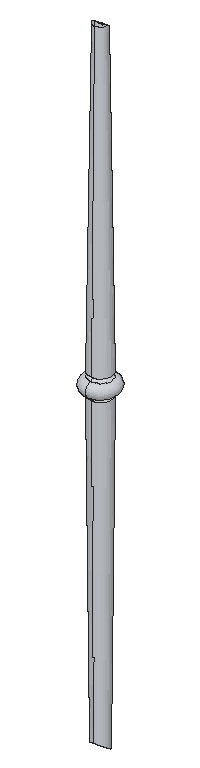
Revit family "M_Balaústre - Personalizado1", category Balaústres, Revit 2019
Family settings
  Número OmniClass = 23.30.80.11.11.14
  Título OmniClass = Posts, Newel Posts, Pickets
  ID de item do Seek = Baluster - Custom1-0000-CAN-ENU
  Sempre na vertical = Sim
  Corte com vazios quando carregada = Não
  Compartilhado = Não
Parameters (values of type "25mm")
  built-in parameter 1008623 [instance] = 32.47°
  built-in parameter 1008625 [instance] = (empty or 0)
  Post = no
  built-in parameter 1008624 [instance] = 32.47°
  Material de balaústre = none
  built-in parameter 1008622 [instance] = 762 mm
Reference planes
  plane 1 "Centro F/T": y = 0
  plane 2: z = 0
  plane 3 "Centro E/D": x = 0
  plane 4 "Superior": z = 762
  plane 5 "Corte do ângulo superior": through (0, 345.134, 542.379) normal (0, -0.5369, -0.8437)
  plane 6: z = 990.6
  plane 7: z = 381
  plane 8: z = 393.7
  plane 9: z = 368.3
  plane 10 "Corte ângulo inferior": through (0, 0, 0) normal (0, -0.5369, -0.8437)
  plane 11: z = -228.6
  plane 12: y = 50.8
  plane 13: y = -50.8
  plane 14: x = 50.8
  plane 15: x = -50.8
Forms (mm)
  Revolve 1, solid, material <- "Material de balaústre"
    sketch origin (0, 0, 0) x (0, 1, 0) y (0, 0, 1)
      loop
        line (0, -228.6) -> (7.144, -228.6) -> (13.046, 368.399) -> (6.564, 368.3) -> (13.36, 373.058)
        arc (13.36, 373.058) -> (21.301, 381) -> (13.36, 388.942) r 7.942
        line (13.36, 388.942) -> (6.457, 393.775) -> (13.043, 393.775) -> (7.422, 762) -> (7.422, 990.6) -> (0, 990.6) -> (0, -228.6)
      axis (0, -228.6) -> (0, 990.6)
    angle from 0 to 360
  Extrusion 2, void
    sketch origin (0, 0, 0) x (0, 1, 0) y (0, 0, 1)
      loop
        line (-50.8, -228.6) -> (50.8, -228.6) -> (50.8, -32.326) -> (-50.8, 32.326) -> (-50.8, -228.6)
      loop
        line (50.8, 990.6) -> (-50.8, 990.6) -> (-50.8, 794.326) -> (50.8, 729.674) -> (50.8, 990.6)
    from -50.8 to 50.8
Cuts and joins
  Extrusion 2 cuts Revolve 1
Dimensions and locks
  "built-in parameter 1008622": plane 2 to plane 4 "Superior"
  plane 4 "Superior" to plane 6 = 228.6 mm
  equal spacing: plane 2, plane 7, plane 4 "Superior"
  plane 9 to plane 7 to plane 8 = 12.7 mm, 12.7 mm
  locked: level to plane 11 at 228.6
  locked: plane 15 to plane 3 "Centro E/D" at 50.8
  locked: plane 3 "Centro E/D" to plane 14 at 50.8
  locked: plane 1 "Centro F/T" to plane 12 at 50.8
  locked: plane 13 to plane 1 "Centro F/T" at 50.8
  "built-in parameter 1008623": angle plane 4 "Superior" to plane 5 "Corte do ângulo superior"
  "built-in parameter 1008624": angle level to plane 10 "Corte ângulo inferior"
  aligned and locked: Revolve 1 sketch curve to plane 11
  aligned and locked: Extrusion 2 sketch curve to plane 11
  aligned and locked: Extrusion 2 sketch curve to plane 12  (x2)
  aligned and locked: plane 13 to Extrusion 2 sketch curve  (x2)
  aligned and locked: Extrusion 2 sketch curve to plane 10 "Corte ângulo inferior"
  aligned and locked: Extrusion 2 to plane 14
  aligned and locked: Extrusion 2 to plane 15
  aligned and locked: Extrusion 2 sketch curve to plane 6
  aligned and locked: plane 5 "Corte do ângulo superior" to Extrusion 2 sketch curve
Automatic sketch dimensions
  Revolve 1 sketch curve to plane 1 "Centro F/T" = 0 mm  (x2)
  Revolve 1 sketch curve to plane 9 = 0 mm
  Revolve 1 sketch curve to plane 6 = 0 mm
  Revolve 1 sketch curve to plane 4 "Superior" = 0 mm
  Revolve 1 sketch curve to plane 7 = 0 mm
  Revolve 1 sketch curve to plane 8 = 0.075 mm
  Revolve 1 sketch curve to plane 9 = 0.099 mm
  Revolve 1 sketch curve to Revolve 1 sketch curve = 4.659 mm
  Revolve 1 sketch curve to Revolve 1 sketch curve = 101.6 mm
  Revolve 1 sketch curve to Revolve 1 sketch curve = 152.4 mm
  Revolve 1 sketch curve to plane 1 "Centro F/T" = 6.457 mm
  Revolve 1 sketch curve to plane 1 "Centro F/T" = 6.564 mm
  Revolve 1 sketch curve to Revolve 1 sketch curve = 7.144 mm
  Revolve 1 sketch curve to Revolve 1 sketch curve = 7.422 mm
  Revolve 1 sketch curve to Revolve 1 sketch curve = 6.587 mm
  Revolve 1 sketch curve to Revolve 1 sketch curve = 6.482 mm
  Revolve 1 sketch curve to Revolve 1 sketch curve = 0.314 mm
